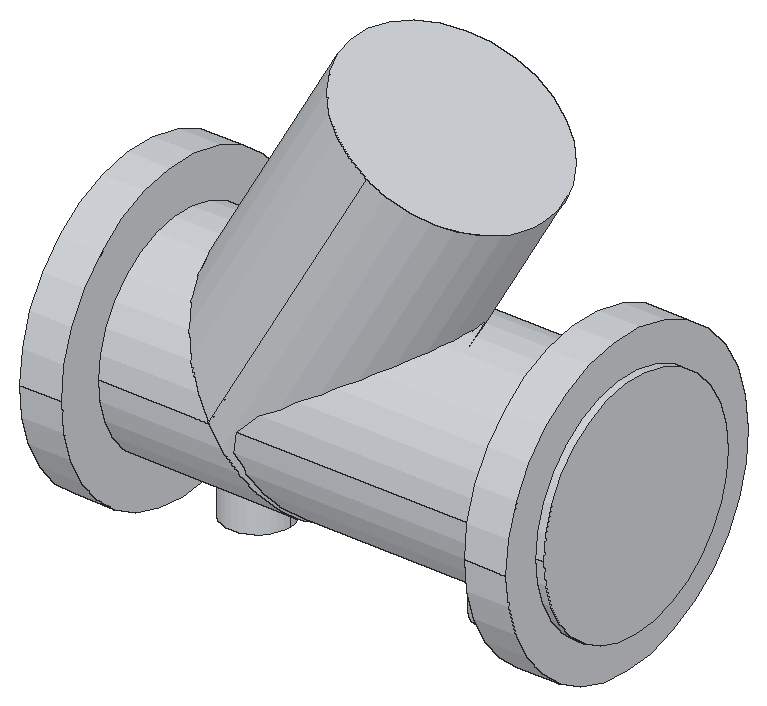
Revit family "HS 821-síto_jemné-PN25-DN200-RFA_2018", category Pipe Accessories, Revit 2018
Family settings
  Round Connector Dimension = Use Diameter
  Part Type = Breaks Into
  Work Plane-Based = No
  Always vertical = Yes
  Cut with Voids When Loaded = No
  Shared = No
Parameters (values of type "821D-DN200-PN25-síto_jemné")
  magiProductId = "16973f3c9ea14389ba8602495a6b64"
  magiProductFamilyId = "79214ac3aaa945e397802f559f5c1e"
  magiPartTypeId = 307
  isMeasuringValve [instance] = no
  ang2D [instance] = 0.00°
  ZB__ve = -ZB  # -56 mm
  ZB1 = 110.97 mm
  ZB = 56 mm
  X2 = 188.361 mm
  X1 = 84 mm
  W2D = 15 mm
  VersionID = "2.0/2017.9.26.1/ZETKAMA_821_001"
  Use Minimum Symbol Size [instance] = yes
  URL = "www.hydronic.cz"
  Type Comments = "Filtr přírubový; síto jemné; A-PN16 (-10~300°C); D-PN25 (-10~350°C); F-PN40 (-10~400°C)"
  S = 274 mm
  QmdConnectorList = "301;D;302;D"
  Productdata [instance] = ""
  Manufacturer = "Hydronic Systems Prague s.r.o."
  MC Product Code = "210 293 (821D; DN200; PN25; kvs706,7; oko síta 0,63mm)"
  LM1 = 48 mm
  LM = 480 mm
  L4 = 150 mm
  L2D_Min = 3048 mm
  L2D = 130 mm
  L2 = 300 mm
  HH2 = 326.25 mm
  FD = 360 mm
  Description = "Filtr přírubový; síto jemné; 821A-PN16; 821D-PN25; 821F-PN40"
  DM1 = 252 mm
  DM = 246.6 mm
  D = 200 mm
  CC = 10.2 mm
  CAT0 = yes
  C1 = 49.8 mm
  C = 60 mm
  BD = 77.679 mm
Types (40, lengths in mm): name | magiProductId | ZB__ve | ZB1 | ZB | X2 | X1 | S | MC Product Code | LM1 | LM | L4 | L2 | HH2 | FD | DM1 | DM | D | CC | C1 | C | BD
  821A-DN015-PN16-síto_jemné | "a71bcfe8b393460598b23e8ddf7dc5" | -16.25 | 18.63 | 16.25 | 46.982 | 18.2 | 46 | "210 115 (821A; DN015; PN16; kvs6,2; oko síta 0,63mm)" | 10.4 | 104 | 32.5 | 65 | 81.375 | 95 | 27.6 | 41.4 | 15 | 2.21 | 10.79 | 13 | 13.041
  821A-DN020-PN16-síto_jemné | "41cd6c7a12924f4991217528336076" | -17.75 | 22.68 | 17.75 | 51.673 | 21 | 56 | "210 120 (821A; DN020; PN16; kvs9,6; oko síta 0,63mm)" | 12 | 120 | 37.5 | 75 | 89.5 | 105 | 33.6 | 50.4 | 20 | 2.55 | 12.45 | 15 | 15.876
  821A-DN025-PN16-síto_jemné | "be378b463ed14c3abf4c9b3ae8cf3a" | -19.25 | 26.325 | 19.25 | 58.601 | 22.4 | 65 | "210 125 (821A; DN025; PN16; kvs14,2; oko síta 0,63mm)" | 12.8 | 128 | 40 | 80 | 101.5 | 115 | 43.2 | 58.5 | 25 | 2.72 | 13.28 | 16 | 18.427
  821A-DN032-PN16-síto_jemné | "227a0d18b21540afabe8b6067d35fa" | -23 | 30.78 | 23 | 68.849 | 25.2 | 76 | "210 132 (821A; DN032; PN16; kvs23,1; oko síta 0,63mm)" | 14.4 | 144 | 45 | 90 | 119.25 | 140 | 50.4 | 68.4 | 32 | 3.06 | 14.94 | 18 | 21.546
  821A-DN040-PN16-síto_jemné | "d106917c74724141a10440112d0102" | -24.5 | 34.02 | 24.5 | 75.777 | 28 | 84 | "210 140 (821A; DN040; PN16; kvs36,6; oko síta 0,63mm)" | 16 | 160 | 50 | 100 | 131.25 | 150 | 60 | 75.6 | 40 | 3.4 | 16.6 | 20 | 23.814
  821A-DN050-PN16-síto_jemné | "8255d456a09e4f6486734f5dd9171b" | -26.75 | 40.095 | 26.75 | 79.061 | 32.2 | 99 | "210 150 (821A; DN050 PN16; kvs53,7; oko síta 0,63mm)" | 18.4 | 184 | 57.5 | 115 | 136.938 | 165 | 73.8 | 89.1 | 50 | 3.91 | 19.09 | 23 | 28.066
  821A-DN065-PN16-síto_jemné | "235b1b3e4c0843779a4d5e3716d40a" | -29.75 | 47.79 | 29.75 | 86.927 | 40.6 | 118 | "210 165 (821A; DN065; PN16; kvs95,1; oko síta 0,63mm)" | 23.2 | 232 | 72.5 | 145 | 150.562 | 185 | 94.2 | 106.2 | 65 | 4.93 | 24.07 | 29 | 33.453
  821A-DN080-PN16-síto_jemné | "a067f7c5236348ed8c820d16df7214" | -32 | 53.46 | 32 | 104.753 | 43.4 | 132 | "210 180 (821A; DN080; PN16; kvs137,1; oko síta 0,63mm)" | 24.8 | 248 | 77.5 | 155 | 181.438 | 200 | 107.4 | 118.8 | 80 | 5.27 | 25.73 | 31 | 37.422
  821A-DN100-PN16-síto_jemné | "c49a648c2747461285837d643703cd" | -35 | 63.18 | 35 | 114.857 | 49 | 156 | "210 190 (821A; DN100; PN16; kvs206,4; oko síta 0,63mm)" | 28 | 280 | 87.5 | 175 | 198.937 | 220 | 131.4 | 140.4 | 100 | 5.95 | 29.05 | 35 | 44.226
  821A-DN125-PN16-síto_jemné | "bf68e728a163493cbd2a663b26ebdc" | -39.5 | 74.52 | 39.5 | 131.888 | 56 | 184 | "210 191 (821A; DN125; PN16; kvs268,8; oko síta 0,63mm)" | 32 | 320 | 100 | 200 | 228.438 | 250 | 165 | 165.6 | 125 | 6.8 | 33.2 | 40 | 52.164
  821A-DN150-PN16-síto_jemné | "2de770284b654863ae6bc865769dc5" | -44.75 | 85.455 | 44.75 | 155.885 | 67.2 | 211 | "210 192 (821A; DN150; PN16; kvs401,4; oko síta 0,63mm)" | 38.4 | 384 | 120 | 240 | 270 | 285 | 192 | 189.9 | 150 | 8.16 | 39.84 | 48 | 59.818
  821A-DN200-PN16-síto_jemné | "8e5693371ab64aabb29a7f08c76e15" | -53 | 107.73 | 53 | 188.361 | 84 | 266 | "210 193 (821A; DN200; PN16; kvs706,7; oko síta 0,63mm)" | 48 | 480 | 150 | 300 | 326.25 | 340 | 252 | 239.4 | 200 | 10.2 | 49.8 | 60 | 75.411
  821A-DN250-PN16-síto_jemné | "05e37ed948c34047acdd4c42556504" | -62.75 | 129.195 | 62.75 | 255.911 | 102.2 | 319 | "210 194 (821A; DN250; PN16; kvs1229,4; oko síta 0,63mm)" | 58.4 | 584 | 182.5 | 365 | 443.25 | 405 | 309.6 | 287.1 | 250 | 12.41 | 60.59 | 73 | 90.436
  821A-DN300-PN16-síto_jemné | "9ad0af747269428da925480d83ce80" | -71 | 149.85 | 71 | 325.914 | 119 | 370 | "210 195 (821A; DN300; PN16; kvs1902,4; oko síta 0,63mm)" | 68 | 680 | 212.5 | 425 | 564.5 | 460 | 369.6 | 333 | 300 | 14.45 | 70.55 | 85 | 104.895
  821A-DN350-PN16-síto_jemné | "eebc71459bb3451bb4355e7951370a" | -80 | 173.745 | 80 | 356.875 | 137.2 | 429 | "200 196 (821A; DN350; PN16; kvs2611,0; oko síta 0,63mm)" | 78.4 | 784 | 245 | 490 | 618.125 | 520 | 438 | 386.1 | 350 | 16.66 | 81.34 | 98 | 121.621
  821A-DN400-PN16-síto_jemné | "d2f677cb196647e385b2590e7d8abe" | -89 | 194.4 | 89 | 392.237 | 154 | 480 | "210 197 (821A; DN400; PN16; kvs3438,4; oko síta 0,63mm)" | 88 | 880 | 275 | 550 | 679.375 | 580 | 498 | 432 | 400 | 18.7 | 91.3 | 110 | 136.08
  821D-DN015-PN25-síto_jemné | "27ddcbf555414f8ca1fde329bf9087" | -16.25 | 18.63 | 16.25 | 46.982 | 18.2 | 46 | "210 215 (821D; DN015; PN25; kvs6,2; oko síta 0,63mm)" | 10.4 | 104 | 32.5 | 65 | 81.375 | 95 | 27.6 | 41.4 | 15 | 2.21 | 10.79 | 13 | 13.041
  821D-DN020-PN25-síto_jemné | "270e0f14012f47189cd0235c18faee" | -17.75 | 22.68 | 17.75 | 51.673 | 21 | 56 | "210 220 (821D; DN020; PN25; kvs9,6; oko síta 0,63mm)" | 12 | 120 | 37.5 | 75 | 89.5 | 105 | 33.6 | 50.4 | 20 | 2.55 | 12.45 | 15 | 15.876
  821D-DN025-PN25-síto_jemné | "b9a7fb4aa36643878c637d8e1ab992" | -19.25 | 26.325 | 19.25 | 58.601 | 22.4 | 65 | "210 225 (821D; DN025; PN25; kvs14,2; oko síta 0,63mm)" | 12.8 | 128 | 40 | 80 | 101.5 | 115 | 43.2 | 58.5 | 25 | 2.72 | 13.28 | 16 | 18.427
  821D-DN032-PN25-síto_jemné | "6be9a55c4e68400f94eec7e804204c" | -23 | 30.78 | 23 | 68.849 | 25.2 | 76 | "210 232 (821D; DN032; PN25; kvs23,1; oko síta 0,63mm)" | 14.4 | 144 | 45 | 90 | 119.25 | 140 | 50.4 | 68.4 | 32 | 3.06 | 14.94 | 18 | 21.546
  821D-DN040-PN25-síto_jemné | "c54511bd7f584ec2984291479612cb" | -24.5 | 34.02 | 24.5 | 75.777 | 28 | 84 | "210 240 (821D; DN040; PN25; kvs36,6; oko síta 0,63mm)" | 16 | 160 | 50 | 100 | 131.25 | 150 | 60 | 75.6 | 40 | 3.4 | 16.6 | 20 | 23.814
  821D-DN050-PN25-síto_jemné | "5483b1f596b04cd39b23a14a22c90e" | -26.75 | 40.095 | 26.75 | 79.061 | 32.2 | 99 | "210 250 (821D; DN050; PN25; kvs53,7; oko síta 0,63mm)" | 18.4 | 184 | 57.5 | 115 | 136.938 | 165 | 73.8 | 89.1 | 50 | 3.91 | 19.09 | 23 | 28.066
  821D-DN065-PN25-síto_jemné | "767b0f8318e94750bc7a9930ed5b30" | -29.75 | 47.79 | 29.75 | 86.927 | 40.6 | 118 | "210 265 (821D; DN065; PN25; kvs95,1; oko síta 0,63mm)" | 23.2 | 232 | 72.5 | 145 | 150.562 | 185 | 94.2 | 106.2 | 65 | 4.93 | 24.07 | 29 | 33.453
  821D-DN080-PN25-síto_jemné | "e21040fa3cc2404b858198f6b73709" | -32 | 53.46 | 32 | 104.753 | 43.4 | 132 | "210 280 (821D; DN080; PN25; kvs137,1; oko síta 0,63mm)" | 24.8 | 248 | 77.5 | 155 | 181.438 | 200 | 107.4 | 118.8 | 80 | 5.27 | 25.73 | 31 | 37.422
  821D-DN100-PN25-síto_jemné | "175ca87a506b40b3bc6b82f12f33cf" | -37.25 | 63.18 | 37.25 | 114.857 | 49 | 156 | "210 290 (821D; DN100; PN25; kvs206,4; oko síta 0,63mm)" | 28 | 280 | 87.5 | 175 | 198.937 | 235 | 131.4 | 140.4 | 100 | 5.95 | 29.05 | 35 | 44.226
  821D-DN125-PN25-síto_jemné | "77cc98d60da24855999a22dff726b2" | -42.5 | 74.52 | 42.5 | 131.888 | 56 | 184 | "210 291 (821D; DN125; PN25; kvs268,8; oko síta 0,63mm)" | 32 | 320 | 100 | 200 | 228.438 | 270 | 165 | 165.6 | 125 | 6.8 | 33.2 | 40 | 52.164
  821D-DN150-PN25-síto_jemné | "9cf8acfcd15547d68e83172d3abcbe" | -47 | 85.455 | 47 | 155.885 | 67.2 | 211 | "210 292 (821D; DN150; PN25; kvs401,4; oko síta 0,63mm)" | 38.4 | 384 | 120 | 240 | 270 | 300 | 192 | 189.9 | 150 | 8.16 | 39.84 | 48 | 59.818
  821D-DN200-PN25-síto_jemné | "16973f3c9ea14389ba8602495a6b64" | -56 | 110.97 | 56 | 188.361 | 84 | 274 | "210 293 (821D; DN200; PN25; kvs706,7; oko síta 0,63mm)" | 48 | 480 | 150 | 300 | 326.25 | 360 | 252 | 246.6 | 200 | 10.2 | 49.8 | 60 | 77.679
  821F-DN015-PN40-síto_jemné | "4c7eaf3c4c0340888b3e684d8a8616" | -16.25 | 18.225 | 16.25 | 46.982 | 18.2 | 45 | "250 615 (821F; DN015; PN40; kvs6,2; oko síta 0,63mm)" | 10.4 | 104 | 32.5 | 65 | 81.375 | 95 | 27.6 | 40.5 | 15 | 2.21 | 10.79 | 13 | 12.757
  821F-DN020-PN40-síto_jemné | "aaac5f1ec96b44d6ba96ac2293d66d" | -17.75 | 23.49 | 17.75 | 51.673 | 21 | 58 | "250 620 (821F; DN020; PN40; kvs9,6; oko síta 0,63mm)" | 12 | 120 | 37.5 | 75 | 89.5 | 105 | 33.6 | 52.2 | 20 | 2.55 | 12.45 | 15 | 16.443
  821F-DN025-PN40-síto_jemné | "504768023968471481789485b54c7e" | -19.25 | 27.54 | 19.25 | 58.601 | 22.4 | 68 | "250 625 (821F; DN025; PN40; kvs14,2; oko síta 0,63mm)" | 12.8 | 128 | 40 | 80 | 101.5 | 115 | 43.2 | 61.2 | 25 | 2.72 | 13.28 | 16 | 19.278
  821F-DN032-PN40-síto_jemné | "165e7f39cf744f329bdf1c400dad12" | -23 | 31.59 | 23 | 68.849 | 25.2 | 78 | "250 632 (821F; DN032; PN40; kvs23,1; oko síta 0,63mm)" | 14.4 | 144 | 45 | 90 | 119.25 | 140 | 50.4 | 70.2 | 32 | 3.06 | 14.94 | 18 | 22.113
  821F-DN040-PN40-síto_jemné | "b8903f952089408fbf3a5a632bab1f" | -24.5 | 35.64 | 24.5 | 75.777 | 28 | 88 | "250 640 (821F; DN040; PN40; kvs36,6; oko síta 0,63mm)" | 16 | 160 | 50 | 100 | 131.25 | 150 | 60 | 79.2 | 40 | 3.4 | 16.6 | 20 | 24.948
  821F-DN050-PN40-síto_jemné | "c451f97266fe48da8f879cb6a2bd44" | -26.75 | 41.31 | 26.75 | 79.061 | 32.2 | 102 | "250 650 (821F; DN050; PN40; kvs53,7; oko síta 0,63mm)" | 18.4 | 184 | 57.5 | 115 | 136.938 | 165 | 73.8 | 91.8 | 50 | 3.91 | 19.09 | 23 | 28.917
  821F-DN065-PN40-síto_jemné | "dc9821e3f9b34e128f6a8c6b34c198" | -29.75 | 49.41 | 29.75 | 86.927 | 40.6 | 122 | "250 665 (821F; DN065; PN40; kvs95,1; oko síta 0,63mm)" | 23.2 | 232 | 72.5 | 145 | 150.562 | 185 | 94.2 | 109.8 | 65 | 4.93 | 24.07 | 29 | 34.587
  821F-DN080-PN40-síto_jemné | "689aa1e260f84cf4994f027a1d86b5" | -32 | 55.89 | 32 | 104.753 | 43.4 | 138 | "250 680 (821F; DN080; PN40; kvs137,1; oko síta 0,63mm)" | 24.8 | 248 | 77.5 | 155 | 181.438 | 200 | 107.4 | 124.2 | 80 | 5.27 | 25.73 | 31 | 39.123
  821F-DN100-PN40-síto_jemné | "8a45d4e8e2ab425f8c432f21d684f3" | -37.25 | 65.61 | 37.25 | 114.857 | 49 | 162 | "250 690 (821F; DN100; PN40; kvs206,4; oko síta 0,63mm)" | 28 | 280 | 87.5 | 175 | 198.937 | 235 | 131.4 | 145.8 | 100 | 5.95 | 29.05 | 35 | 45.927
  821F-DN125-PN40-síto_jemné | "cf073904c006406b8645afa67ea2fc" | -42.5 | 76.14 | 42.5 | 131.888 | 56 | 188 | "250 691 (821F; DN125; PN40; kvs268,8; oko síta 0,63mm)" | 32 | 320 | 100 | 200 | 228.438 | 270 | 165 | 169.2 | 125 | 6.8 | 33.2 | 40 | 53.298
  821F-DN150-PN40-síto_jemné | "0153b9ddabe14992a630484929fdbc" | -47 | 88.29 | 47 | 155.885 | 67.2 | 218 | "250 692 (821F; DN150; PN40; kvs401,4; oko síta 0,63mm)" | 38.4 | 384 | 120 | 240 | 270 | 300 | 192 | 196.2 | 150 | 8.16 | 39.84 | 48 | 61.803
  821F-DN200-PN40-síto_jemné | "7fb3fc01dd8d42428c203e3f8dd4d5" | -56 | 115.425 | 56 | 188.361 | 84 | 285 | "250 693 (821F; DN200; PN40; kvs706,7; oko síta 0,63mm)" | 48 | 480 | 150 | 300 | 326.25 | 360 | 252 | 256.5 | 200 | 10.2 | 49.8 | 60 | 80.797
Reference planes
  plane 1 "Center (Front/Back)": y = 0
  plane 2 "XYPLANE": z = 0
  plane 3 "Center (Left/Right)": x = 0
  plane 4 "109": x = -192
  plane 5 "108": x = 240
  plane 6 "107": x = -240
  plane 7 "105": x = 300
  plane 8 "104": x = -300
  plane 9 "103": y = 0
  plane 10 "102": z = 0
  plane 11 "101": x = -289.8
  plane 12 "100": x = 289.8
  plane 13 "11": x = -108
  plane 14 "10": z = 326.25
  plane 15 "9": x = 80.361
  plane 16 "5": z = -110.97
  plane 17 "4": x = -150
  plane 18 "1": x = 150
Forms (mm)
  Extrusion 1, solid, visible <- "CAT0"
    sketch origin (-240, -750, 0) x (0, 1, 0) y (0, 0, 1)
      loop
        circle (750, 0) r 123.3
    from 0 to 480 <- "LM"
  Extrusion 2, solid
    sketch origin (-300, -750, 0) x (0, 1, 0) y (0, 0, 1)
      loop
        circle (750, 0) r 137
    from 0 to 10.2 <- "CC"
  Extrusion 3, solid
    sketch origin (-289.8, -750, 0) x (0, 1, 0) y (0, 0, 1)
      loop
        circle (750, 0) r 180
    from 0 to 49.8 <- "C1"
  Extrusion 4, solid
    sketch origin (240, -750, 0) x (0, 1, 0) y (0, 0, 1)
      loop
        circle (750, 0) r 180
    from 0 to 49.8 <- "C1"
  Extrusion 5, solid
    sketch origin (289.8, -750, 0) x (0, 1, 0) y (0, 0, 1)
      loop
        circle (750, 0) r 137
    from 0 to 10.2 <- "CC"
  Sweep 6, solid, visible <- "CAT0"
    path origin (750, 0, 0) x (-1, 0, 0) y (0, 0, 1)
      loop
        line (990, 0) -> (858, 0) -> (669.639, 326.25)
    profile origin (-240, 0, 0) x (0, 0, -1) y (0, 1, 0)
      loop
        circle (0, 0) r 126
  Extrusion 7, solid, visible <- "CAT0"
    sketch origin (-750, 0, -110.97) x (1, 0, 0) y (0, 1, 0)
      loop
        circle (600, 0) r 38.839
    from 0 to -56 <- "ZB__ve"
  Extrusion 8, solid, visible <- "CAT0"
    sketch origin (-750, 0, -110.97) x (1, 0, 0) y (0, 1, 0)
      loop
        circle (900, 0) r 38.839
    from 0 to -56 <- "ZB__ve"
  Extrusion 9, solid, not visible
    sketch origin (300, -750, 0) x (0, 1, 0) y (0, 0, 1)
      loop
        circle (750, 0) r 10
    from 0 to -10
  Extrusion 10, solid, not visible
    sketch origin (-300, -750, 0) x (0, 1, 0) y (0, 0, 1)
      loop
        circle (750, 0) r 10
    from 0 to 10
Lines and regions (mm)
  reference lines, not visible
    curve 1: circle (2, 2, 0) r 1 normal (0, 0, 1)
Dimensions and locks
  plane 1 "Center (Front/Back)" to curve 1 = 2 mm
  "LM1": plane 6 "107" to plane 4 "109"
  "LM": plane 6 "107" to plane 5 "108"
  "C": plane 8 "104" to plane 6 "107"
  "L2": plane 3 "Center (Left/Right)" to plane 7 "105"
  "L2": plane 3 "Center (Left/Right)" to plane 8 "104"
  locked: plane 1 "Center (Front/Back)" to plane 9 "103"
  locked: plane 2 "XYPLANE" to plane 10 "102"
  "CC": plane 8 "104" to plane 11 "101"
  "C1": plane 5 "108" to plane 12 "100"
  "X1": plane 4 "109" to plane 13 "11"
  "HH2": plane 2 "XYPLANE" to plane 14 "10"
  "X2": plane 13 "11" to plane 15 "9"
  "ZB1": plane 2 "XYPLANE" to plane 16 "5"
  "L4": plane 8 "104" to plane 17 "4"
  "L2": plane 17 "4" to plane 18 "1"
  Sweep 6 sketch curve to Sweep 6 sketch curve = 0 mm  (x2)
  "DM": diameter of Extrusion 1 sketch curve
  "S": diameter of Extrusion 2 sketch curve
  "FD": diameter of Extrusion 3 sketch curve
  "FD": diameter of Extrusion 4 sketch curve
  "S": diameter of Extrusion 5 sketch curve
  "DM1": diameter of Sweep 6 sketch curve
  "BD": diameter of Extrusion 7 sketch curve
  "BD": diameter of Extrusion 8 sketch curve
  aligned and locked: level to plane 2 "XYPLANE"
  aligned and locked: Extrusion 1 sketch curve to plane 9 "103"
  aligned and locked: plane 10 "102" to Extrusion 1 sketch curve
  aligned and locked: Extrusion 2 sketch curve to plane 9 "103"
  aligned and locked: plane 10 "102" to Extrusion 2 sketch curve
  aligned and locked: Extrusion 3 sketch curve to plane 9 "103"
  aligned and locked: plane 10 "102" to Extrusion 3 sketch curve
  aligned and locked: Extrusion 4 sketch curve to plane 9 "103"
  aligned and locked: plane 10 "102" to Extrusion 4 sketch curve
  aligned and locked: Extrusion 5 sketch curve to plane 9 "103"
  aligned and locked: plane 10 "102" to Extrusion 5 sketch curve
  aligned and locked: Sweep 6 sketch curve to plane 9 "103"
  aligned and locked: plane 10 "102" to Sweep 6 sketch curve  (x3)
  aligned and locked: plane 6 "107" to Sweep 6 sketch curve
  aligned and locked: plane 13 "11" to Sweep 6 sketch curve
  aligned and locked: plane 14 "10" to Sweep 6 sketch curve
  aligned and locked: plane 15 "9" to Sweep 6 sketch curve
  aligned and locked: plane 9 "103" to Extrusion 7 sketch curve
  aligned and locked: plane 17 "4" to Extrusion 7 sketch curve
  aligned and locked: plane 9 "103" to Extrusion 8 sketch curve
  aligned and locked: plane 18 "1" to Extrusion 8 sketch curve
  aligned and locked: Extrusion 9 sketch curve to plane 9 "103"
  aligned and locked: plane 10 "102" to Extrusion 9 sketch curve
  aligned and locked: Extrusion 10 sketch curve to plane 9 "103"
  aligned and locked: plane 10 "102" to Extrusion 10 sketch curve
Automatic sketch dimensions
  plane 1 "Center (Front/Back)" to Extrusion 9 sketch curve = 10 mm
  plane 1 "Center (Front/Back)" to Extrusion 10 sketch curve = 10 mm
  plane 3 "Center (Left/Right)" to curve 1 = 2 mm
  radius of curve 1 = 1 mm
Connectors
  piping at (-300, 0, 0), diameter 200, driven by "D"
    settings: on Extrusion 10, index 1, connector inside diameter 609.6 mm, connector length 0 mm, flow factor 0, pipe flow 0.0 L/s, pressure drop 0.0 Pa, fitting loss kfactor 0, connector angle 0.00°, fixture units 0, engagement length 0 mm, angle of deflection 0.00°, flow configuration 0, flow direction 0, fitting loss method 0, system type 29, joint type 0, gender type 0, connector reference index 2, connector utility 0, adjustable connector no, is connector primary yes, connector description ""
  piping at (300, 0, 0), diameter 200, driven by "D"
    settings: on Extrusion 9, index 2, connector inside diameter 609.6 mm, connector length 0 mm, flow factor 0, pipe flow 0.0 L/s, pressure drop 0.0 Pa, fitting loss kfactor 0, connector angle 0.00°, fixture units 0, engagement length 0 mm, angle of deflection 0.00°, flow configuration 0, flow direction 0, fitting loss method 0, system type 29, joint type 0, gender type 0, connector reference index 1, connector utility 0, adjustable connector no, is connector primary no, connector description ""
